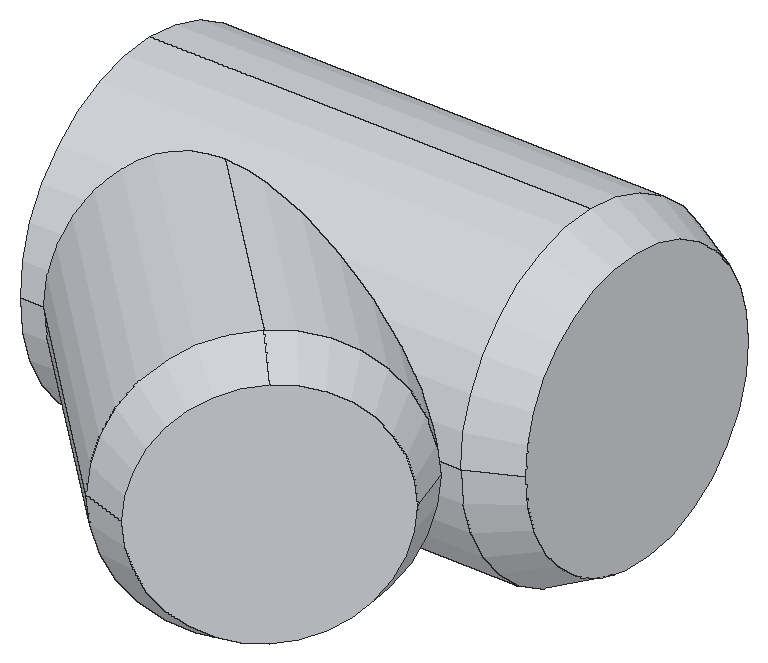
Revit family "M_Round Wye with Transition - Lateral - Conical", category Duct Fittings, Revit 2014
Parameters (values of type "Standard")
  Length 5 [instance] = Radius 3 / sin(45.00°)  # 212.132 mm
  Length 4 [instance] = (Duct Length 1 + Shoulder Length) / sin(45.00°)  # 185.355 mm
  Duct Length 1 [instance] = (Radius 3) * sin(45.00°)  # 106.066 mm
  Length 3 [instance] = Duct Radius 3 / sin(45.00°)  # 176.777 mm
  Shoulder Length [instance] = 25 mm
  Radius 3 [instance] = Duct Radius 3 + 25 mm  # 150 mm
  Duct Radius 3 [instance] = 125 mm
  Duct Radius 2 [instance] = 150 mm
  Duct Radius 1 [instance] = 175 mm
  Duct Length 3 [instance] = 2 * (Radius 3 - Duct Radius 3)  # 50 mm
  Duct Length 2 [instance] = if(Duct Diameter 1 > Duct Diameter 2, Duct Diameter 1 - Duct Diameter 2, Duct Diameter 2 - Duct Diameter 1 + 25 mm)  # 50 mm
  Duct Length 4 [instance] = 2 * (Shoulder Length + Length 5)  # 474.264 mm
  Duct Length 5 [instance] = Length 4 + Radius 3 + Shoulder Length  # 360.355 mm
  Length 2 [instance] = if(Length 3 > Duct Radius 1, Length 3 - Duct Radius 1, Duct Radius 1 - Length 3)  # 1.777 mm
  Length 1 [instance] = abs(Duct Radius 1 - Shoulder Length - Duct Length 1)  # 43.934 mm
  Duct Diameter 3 [instance] = Duct Radius 3 * 2  # 250 mm
  Duct Diameter 2 [instance] = Duct Radius 2 * 2  # 300 mm
  Duct Diameter 1 [instance] = Duct Radius 1 * 2  # 350 mm
  Assembly Code = ""
Reference planes
  plane 1 "Center (Front/Back)": y = 0
  plane 2: z = 0
  plane 3 "Center (Left/Right)": x = 0
  plane 4: x = 106.066
  plane 5: y = -43.934
  plane 6: x = 474.264
  plane 7: x = 524.264
Forms (mm)
  Sweep 1, solid, detail levels medium+fine
    path in 3D
      loop
        line (106.066, -43.934, 0) -> (360.876, -298.744, 0)
    profile "M_Duct - Round : Duct - Round 3" origin (233.471, -171.339, 0) x (0.707107, 0.707107, 0) y (0, 0, 1)
      loop
        arc (-150, 0) -> (-106.066, -106.066) -> (0, -150) r 150
        arc (0, -150) -> (106.066, -106.066) -> (150, 0) r 150
        arc (150, 0) -> (106.066, 106.066) -> (0, 150) r 150
        arc (0, 150) -> (-106.066, 106.066) -> (-150, 0) r 150
  Sweep 2, solid, detail levels medium+fine
    path in 3D
      loop
        line (474.264, 0, 0) -> (0, 0, 0)
    profile "M_Duct - Round : Duct - Round 1" origin (237.132, 0, 0) x (0, -1, 0) y (0, 0, 1)
      loop
        arc (-175, 0) -> (-123.744, -123.744) -> (0, -175) r 175
        arc (0, -175) -> (123.744, -123.744) -> (175, 0) r 175
        arc (175, 0) -> (123.744, 123.744) -> (0, 175) r 175
        arc (0, 175) -> (-123.744, 123.744) -> (-175, 0) r 175
  Blend 3, solid, detail levels medium+fine
    base sketch origin (474.264, 0, 0) x (0, 1, 0) y (0, 0, 1)
      loop
        circle (0, 0) r 175
    top sketch origin (474.264, 0, 0) x (0, 1, 0) y (0, 0, 1)
      loop
        circle (0, 0) r 150
    from 0 to 50 <- "Duct Length 2"
  Blend 4, solid, detail levels medium+fine
    base sketch origin (360.876, -298.744, 0) x (0, 0, 1) y (-0.707107, -0.707107, 0)
      loop
        arc (0, 150) -> (-106.066, 106.066) -> (-150, 0) r 150
        arc (-150, 0) -> (-106.066, -106.066) -> (0, -150) r 150
        arc (0, -150) -> (106.066, -106.066) -> (150, 0) r 150
        arc (150, 0) -> (106.066, 106.066) -> (0, 150) r 150
    top sketch origin (360.876, -298.744, 0) x (0, 0, 1) y (-0.707107, -0.707107, 0)
      loop
        arc (0, 125) -> (-88.388, 88.388) -> (-125, 0) r 125
        arc (-125, 0) -> (-88.388, -88.388) -> (0, -125) r 125
        arc (0, -125) -> (88.388, -88.388) -> (125, 0) r 125
        arc (125, 0) -> (88.388, 88.388) -> (0, 125) r 125
    from 0 to 50 <- "Duct Length 3"
  Extrusion 5, solid, detail levels medium+fine
    sketch origin (532.652, 0, 0) x (0, 1, 0) y (0, 0, 1)
      loop
        circle (0, 0) r 1.27
    from -58.388 to -8.388
Cuts and joins
  joined: Sweep 1, Sweep 2, Blend 3, Blend 4, Extrusion 5
Lines and regions (mm)
  reference lines
    curve 1: line (0, 0, 0) -> (12.7, 0, 0)
    curve 2: line (106.066, -43.934, 0) -> (360.876, -298.744, 0)
    curve 4: line (474.264, 0, 0) -> (0, 0, 0)
    curve 6: line (360.876, -298.744, 0) -> (396.231, -334.099, 0)
    curve 7: line (474.264, 0, 0) -> (524.264, 0, 0)
  sketch lines
    curve 3: line (106.066, -43.934, 0) -> (360.876, -298.744, 0)
    curve 5: line (474.264, 0, 0) -> (0, 0, 0)
  model lines, style "DuctFitting", detail levels coarse
    curve 8: line (0, 0, 0) -> (524.264, 0, 0)
    curve 9: line (106.066, -43.934, 0) -> (360.31, -298.178, 0)
    curve 10: line (396.231, -334.099, 0) -> (360.31, -298.178, 0)
  model lines, detail levels coarse
    curve 11: line (106.066, -43.934, 0) -> (106.066, 0, 0)
Dimensions and locks
  "Length 1": plane 5 to plane 1 "Center (Front/Back)"
  "Duct Length 1": plane 3 "Center (Left/Right)" to plane 4
  "Duct Length 5": curve 2 to curve 2
  "Duct Length 4": plane 3 "Center (Left/Right)" to plane 6
  "Duct Length 2": plane 6 to plane 7
  "Duct Length 3": curve 6 to curve 6
  "Duct Radius 1": radius of Blend 3 sketch curve
  "Duct Radius 2": radius of Blend 3 sketch curve
  radius of Sweep 1 = 150 mm
  "Duct Radius 3": radius of Blend 4 sketch curve
  radius of Extrusion 5 sketch curve = 1.27 mm
  locked: curve 2 to plane 5 (angle 45.00°)
  angle curve 6 to plane 5 = 45.00°
  locked: curve 10 to plane 5 (angle 45.00°)
  aligned and locked: plane 3 "Center (Left/Right)" to curve 4
  aligned and locked: plane 6 to curve 4
  aligned and locked: curve 4 to plane 1 "Center (Front/Back)"
  aligned and locked: plane 7 to curve 7
  aligned and locked: plane 1 "Center (Front/Back)" to Blend 3 sketch curve  (x2)
  aligned and locked: plane 2 to Blend 3 sketch curve  (x2)
  aligned and locked: plane 4 to curve 9
  aligned and locked: curve 9 to curve 2
  aligned and locked: Blend 4 to curve 10
  aligned and locked: plane 2 to Extrusion 5 sketch curve
  aligned and locked: plane 1 "Center (Front/Back)" to Extrusion 5 sketch curve
  aligned and locked: Extrusion 5 to plane 6
  aligned and locked: plane 7 to Extrusion 5
Automatic sketch dimensions
  curve 1 to plane 1 "Center (Front/Back)" = 0 mm
  curve 1 to plane 3 "Center (Left/Right)" = 0 mm
  curve 2 to plane 4 = 0 mm
  curve 2 to plane 5 = 0 mm
  plane 3 "Center (Left/Right)" to curve 1 = 12.7 mm
  Blend 4 sketch curve to Blend 4 sketch curve = 0 mm  (x14)
  curve 8 to plane 3 "Center (Left/Right)" = 0 mm
  curve 8 to plane 7 = 0 mm
  curve 8 to plane 1 "Center (Front/Back)" = 0 mm
  radius of Blend 4 sketch curve to Sweep 1 = 0 mm
Connectors
  hvac at (0, 0, 0), driven by "Duct Radius 1"
    settings: on cut or joined group of Sweep 1, Sweep 2, Blend 3, Blend 4, Extrusion 5, index 1, duct flow 0.0 L/s, flow factor 0, pres drop 0.0 Pa, loss coef 0, conn angle 0.00°, conn width 304.8 mm, conn height 304.8 mm, conn diameter 350 mm, duct sys type 28, conn prof type 0, flow config 0, flow direction 0, loss method 0, conn ref index 2, conn util no, is conn primary yes, conn desc ""
  hvac at (524.264, 0, 0), driven by "Duct Radius 2"
    settings: on Extrusion 5, index 2, duct flow 0.0 L/s, flow factor 0, pres drop 0.0 Pa, loss coef 0, conn angle 0.00°, conn width 304.8 mm, conn height 304.8 mm, conn diameter 300 mm, duct sys type 28, conn prof type 0, flow config 0, flow direction 0, loss method 0, conn ref index 1, conn util no, is conn primary no, conn desc ""
  hvac at (396.231, -334.099, 0), driven by "Duct Radius 3"
    settings: on cut or joined group of Sweep 1, Sweep 2, Blend 3, Blend 4, Extrusion 5, index 3, duct flow 0.0 L/s, flow factor 0, pres drop 0.0 Pa, loss coef 0, conn angle 0.00°, conn width 304.8 mm, conn height 304.8 mm, conn diameter 250 mm, duct sys type 28, conn prof type 0, flow config 0, flow direction 0, loss method 0, conn ref index -1, conn util no, is conn primary no, conn desc ""
